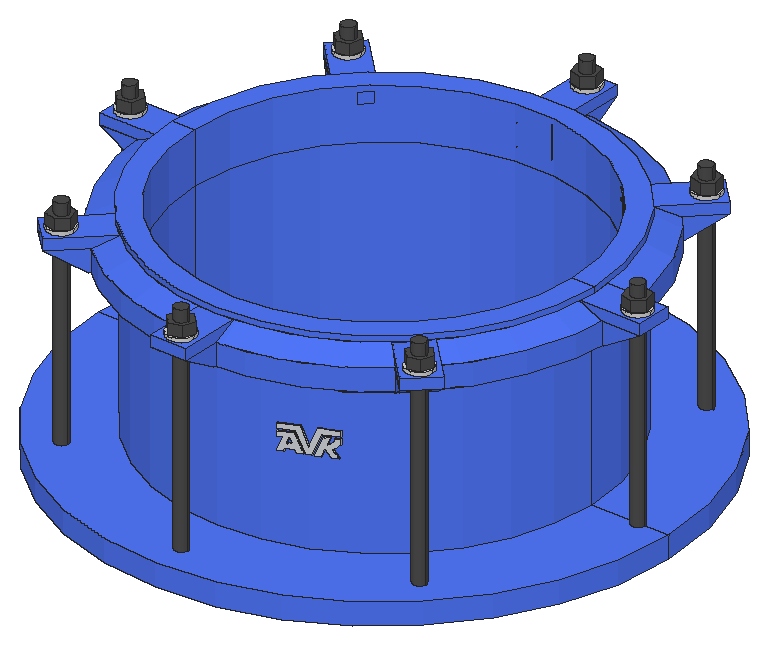
Revit family "603-A-4100-DN350", category Pipe Accessories, Revit 2019
Family settings
  Round Connector Dimension = Use Diameter
  Part Type = Valve - Breaks Into
  Work Plane-Based = No
  Always vertical = Yes
  Cut with Voids When Loaded = No
  Shared = No
Parameters (values of type "603-410-002-4100_DN350_384 - 410")
  Washer_Ref_2 = size_lookup(Search_table, "Washer_Ref_2", 0 mm, [Nomianal_Diameter(DN)])  # 187 mm
  URL_product_pages = "https://www.avkvalves.com/P.aspx?no=6012420006100"
  L_Ref = L - Bottom_Flange_Thickness  # 210 mm
  L2 = size_lookup(Search_table, "L2", 0 mm, [Nomianal_Diameter(DN)])  # 210 mm
  Description_ = "AVK UNIVERSAL SUPA® STRAIGHT COUPLING"
  DN350_384 -410 = "603-410-002-4100"
  DN350_384 - 410 = "603-410-000-4100"
  DN350_372 - 396 = "603-396-002-4100"
  DN350_372 -396 = "603-396-000-4100"
  DN350_352 - 378 = "603-378-002-4100"
  DN350_352 -378 = "603-378-000-4100"
  Bolt_Ref_2 = Bolt_Ref - 10 mm  # 190 mm
  Bolt_Ref = size_lookup(Search_table, "Bolt_Ref", 0 mm, [Nomianal_Diameter(DN)])  # 200 mm
  Washer_Ref = size_lookup(Search_table, "Washer_Ref", 0 mm, [Nomianal_Diameter(DN)])  # 190 mm
  Search_table = "603-A-4100-DN350"
  Rib_width = size_lookup(Search_table, "Rib_width", 0 mm, [Nomianal_Diameter(DN)])  # 499 mm
  Rib_length = 32 mm  # constant formula
  Rib_Thickness = 5 mm  # constant formula
  PCD = 434.669 mm
  Nut = 10 mm  # constant formula
  L = size_lookup(Search_table, "L", 0 mm, [Nomianal_Diameter(DN)])  # 226 mm
  L1 = size_lookup(Search_table, "L1", 0 mm, [Nomianal_Diameter(DN)])  # 62 mm
  L3 = size_lookup(Search_table, "L3", 0 mm, [Nomianal_Diameter(DN)]) - Bottom_Flange_Thickness  # 145 mm
  ID = [Nomianal_Diameter(DN)] / 2  # 175.15 mm
  Nomianal_Diameter(DN) = 350.3 mm
  H1 = size_lookup(Search_table, "H1", 0 mm, [Nomianal_Diameter(DN)])  # 36 mm
  D4 = (PCD / 2) + Bottom_Flange_Thickness  # 233.334 mm
  D3 = 201.6 mm
  D2 = size_lookup(Search_table, "D2", 0 mm, [Nomianal_Diameter(DN)]) / 2  # 195 mm
  D = size_lookup(Search_table, "D", 0 mm, [Nomianal_Diameter(DN)]) / 2  # 263.5 mm
  Bottom_Flange_Thickness = L - L2  # 16 mm
  Bottm_cut = size_lookup(Search_table, "Bottm_cut", 0 mm, [Nomianal_Diameter(DN)]) / 2  # 216 mm
  Bolt_width = 20 mm  # constant formula
Types (7, lengths in mm): name | Washer_Ref_2 | L_Ref | L2 | Bolt_Ref_2 | Bolt_Ref | Washer_Ref | PCD | L | L1 | L3 | ID | Nomianal_Diameter(DN) | D4 | D3 | D
  (no name) | 187 | 210 | 210 | 190 | 200 | 190 | 434.669 | 226 | 62 | 145 | 175.15 | 350.3 | 233.334 | 201.6 | 263.5
  603-378-000-4100_DN350_352 - 378 | 145 | 170 | 170 | 148 | 158 | 148 | 450 | 186 | 61 | 103 | 175 | 350 | 241 | 210 | 260
  603-396-000-4100_DN350_372 - 396 | 187 | 210 | 210 | 190 | 200 | 190 | 450 | 226 | 62 | 145 | 175.1 | 350.2 | 241 | 201.6 | 248
  603-410-002-4100_DN350_384 - 410 | 187 | 210 | 210 | 190 | 200 | 190 | 434.669 | 226 | 62 | 145 | 175.15 | 350.3 | 233.334 | 201.6 | 263.5
  603-378-002-4100_DN350_352 - 378 | 145 | 170 | 170 | 148 | 158 | 148 | 450 | 186 | 61 | 103 | 175.05 | 350.1 | 241 | 210 | 263.5
  603-396-002-4100_DN350_372 - 396 | 187 | 210 | 210 | 190 | 200 | 190 | 450 | 226 | 62 | 145 | 175.15 | 350.3 | 241 | 201.6 | 263.5
  603-410-000-4100_DN350_384 - 410 | 187 | 210 | 210 | 190 | 200 | 190 | 450 | 226 | 62 | 145 | 175.2 | 350.4 | 241 | 201.6 | 260
Reference planes
  plane 1 "Center (Front/Back)": y = 0
  plane 2: z = 0
  plane 3 "Center (Left/Right)": x = 0
  plane 4: x = 8
  plane 5: x = -8
  plane 6: x = 175
  plane 7: z = 145
  plane 8: z = 210
  plane 9: z = 184
  plane 10: z = 181
  plane 11: z = 191
  plane 12: through (123.744, 123.744, 1200) normal (-0.7071, 0.7071, 0)
  plane 13: x = -263.5
  plane 14: x = 263.5
Forms (mm)
  Revolve 1, solid, material "Plastic"
    sketch origin (0, 0, 0) x (1, 0, 0) y (0, 0, 1)
      loop
        line (192, 145) -> (0, 145) -> (0, -16) -> (213.047, -16) -> (213.047, 0) -> (254.721, 0) -> (254.721, -10) -> (263.5, -10) -> (263.5, 10) -> (192, 10) -> (192, 145)
      axis (0, -16) -> (0, 145)
    angle from 0 to 360
  Revolve 2, void
    sketch origin (0, 0, 0) x (1, 0, 0) y (0, 0, 1)
      loop
        line (0, 145) -> (0, -16) -> (175, -16) -> (175, 145) -> (0, 145)
      axis (0, -16) -> (0, 145)
    angle from 0 to 360
  Extrusion 3, solid, material "Stainless Steel AISI 304"
    sketch origin (0, 0, 0) x (1, 0, 0) y (0, 1, 0)
      loop
        circle (0, 234.5) r 6
      loop
        circle (165.463, 165.963) r 6
      loop
        circle (-165.463, 165.963) r 6
      loop
        circle (234.99, 0) r 6
      loop
        circle (0, -234.5) r 6
      loop
        circle (165.463, -165.963) r 6
      loop
        circle (-165.463, -165.963) r 6
      loop
        circle (-234.99, 0) r 6
    from 0 to 210
  Extrusion 4, solid, material "Stainless Steel AISI 304(2)"
    sketch origin (0, 0, 0) x (1, 0, 0) y (0, 1, 0)
      loop
        circle (0, 234.75) r 12
      loop
        circle (165.817, 166.067) r 12
      loop
        circle (-165.817, 166.067) r 12
      loop
        circle (234.75, 0) r 12
      loop
        circle (-234.75, 0) r 12
      loop
        circle (0, -234.75) r 12
      loop
        circle (165.817, -166.067) r 12
      loop
        circle (-165.817, -166.067) r 12
    from 190 to 187
  Extrusion 5, solid, material "Stainless Steel AISI 304"
    sketch origin (0, 0, 0) x (1, 0, 0) y (0, 1, 0)
      loop
        line (162.828, 177.22) -> (154.663, 169.055) -> (157.652, 157.902) -> (168.805, 154.913) -> (176.97, 163.078) -> (173.982, 174.232) -> (162.828, 177.22)
      loop
        line (231.761, 11.154) -> (223.596, 2.989) -> (226.585, -8.165) -> (237.739, -11.154) -> (245.904, -2.989) -> (242.915, 8.165) -> (231.761, 11.154)
      loop
        line (-162.828, 177.22) -> (-173.982, 174.232) -> (-176.97, 163.078) -> (-168.805, 154.913) -> (-157.652, 157.902) -> (-154.663, 169.055) -> (-162.828, 177.22)
      loop
        line (-231.761, 11.154) -> (-242.915, 8.165) -> (-245.904, -2.989) -> (-237.739, -11.154) -> (-226.585, -8.165) -> (-223.596, 2.989) -> (-231.761, 11.154)
      loop
        line (-2.989, 245.654) -> (-11.154, 237.489) -> (-8.165, 226.335) -> (2.989, 223.346) -> (11.154, 231.511) -> (8.165, 242.665) -> (-2.989, 245.654)
      loop
        line (162.828, -177.22) -> (173.982, -174.232) -> (176.97, -163.078) -> (168.805, -154.913) -> (157.652, -157.902) -> (154.663, -169.055) -> (162.828, -177.22)
      loop
        line (-162.828, -177.22) -> (-154.663, -169.055) -> (-157.652, -157.902) -> (-168.805, -154.913) -> (-176.97, -163.078) -> (-173.982, -174.232) -> (-162.828, -177.22)
      loop
        line (-2.989, -245.654) -> (8.165, -242.665) -> (11.154, -231.511) -> (2.989, -223.346) -> (-8.165, -226.335) -> (-11.154, -237.489) -> (-2.989, -245.654)
    from 190 to 200
  Revolve 6, solid, material "Stainless Steel AISI 304"
    sketch origin (0, 0, 0) x (1, 0, 0) y (0, 0, 1)
      loop
        line (250.49, 0) -> (250.49, -1.616)
        arc (250.49, -1.616) -> (256.788, -1.288) -> (262.961, 0) r 41.119
        line (262.961, 0) -> (250.49, 0)
      axis (250.49, -1.616) -> (250.49, 0)
    angle from 0 to 360
  Revolve 7, solid, material "Stainless Steel AISI 304"
    sketch origin (-68.965, 166.219, 0) x (1, 0, 0) y (0, 0, 1)
      loop
        line (250.49, 0) -> (250.49, -1.998)
        arc (250.49, -1.998) -> (256.82, -1.549) -> (262.975, 0) r 36.123
        line (262.975, 0) -> (250.49, 0)
      axis (250.49, -1.998) -> (250.49, 0)
    angle from 0 to 360
  Revolve 8, solid, material "Stainless Steel AISI 304"
    sketch origin (-235.065, 235.065, 0) x (1, 0, 0) y (0, 0, 1)
      loop
        line (234.99, 0) -> (234.99, -1.998)
        arc (234.99, -1.998) -> (241.281, -1.377) -> (247.451, 0) r 52.128
        line (247.451, 0) -> (234.99, 0)
      axis (234.99, -1.998) -> (234.99, 0)
    angle from 0 to 360
  Revolve 9, solid, material "Stainless Steel AISI 304"
    sketch origin (0, 0, 0) x (-1, 0, 0) y (0, 0, 1)
      loop
        line (250.49, 0) -> (250.49, -1.616)
        arc (250.49, -1.616) -> (256.798, -1.268) -> (262.987, 0) r 43.015
        line (262.987, 0) -> (250.49, 0)
      axis (250.49, -1.616) -> (250.49, 0)
    angle from 0 to 360
  Revolve 10, solid, material "Stainless Steel AISI 304"
    sketch origin (68.965, 166.219, 0) x (-1, 0, 0) y (0, 0, -1)
      loop
        line (250.49, 0) -> (262.957, 0)
        arc (262.957, 0) -> (256.776, 1.212) -> (250.49, 1.616) r 48.687
        line (250.49, 1.616) -> (250.49, 0)
      axis (250.49, 1.616) -> (250.49, 0)
    angle from 0 to 360
  Revolve 11, solid, material "Stainless Steel AISI 304"
    sketch origin (-68.965, -166.219, 0) x (1, 0, 0) y (0, 0, -1)
      loop
        line (250.49, 0) -> (262.975, 0)
        arc (262.975, 0) -> (256.8, 1.332) -> (250.49, 1.616) r 37.739
        line (250.49, 1.616) -> (250.49, 0)
      axis (250.49, 1.616) -> (250.49, 0)
    angle from 0 to 360
  Revolve 12, solid, material "Stainless Steel AISI 304"
    sketch origin (-235.065, -235.065, 0) x (1, 0, 0) y (0, 0, -1)
      loop
        line (234.99, 0) -> (247.451, 0)
        arc (247.451, 0) -> (241.282, 1.284) -> (234.99, 1.616) r 41.371
        line (234.99, 1.616) -> (234.99, 0)
      axis (234.99, 1.616) -> (234.99, 0)
    angle from 0 to 360
  Revolve 13, solid, material "Stainless Steel AISI 304"
    sketch origin (68.965, -166.219, 0) x (-1, 0, 0) y (0, 0, 1)
      loop
        line (250.49, 0) -> (250.49, -1.998)
        arc (250.49, -1.998) -> (256.795, -1.446) -> (262.957, 0) r 44.278
        line (262.957, 0) -> (250.49, 0)
      axis (250.49, -1.998) -> (250.49, 0)
    angle from 0 to 360
Cuts and joins
  Revolve 2 cuts Revolve 1
Dimensions and locks
  "D": Revolve 1 sketch curve to plane 3 "Center (Left/Right)"
  "L3": plane 7 to level
  equal spacing: plane 14, plane 3 "Center (Left/Right)", plane 13
  plane 14 to plane 13 = 527 mm
  "D": plane 14 to plane 3 "Center (Left/Right)"
  locked: Revolve 1 sketch curve to Revolve 1 sketch curve at 8.779
  "L2": plane 8 to level
  "L": plane 8 to cut or joined group of Revolve 1, Revolve 2
  cut or joined group of Revolve 1, Revolve 2 to cut or joined group of Revolve 1, Revolve 2 = 161 mm
  "Washer_Ref_2": Extrusion 4 to level
  "Washer_Ref": Extrusion 4 to level
  "Washer_Ref": Extrusion 5 to level
  "Bolt_Ref": Extrusion 5 to level
  equal spacing: Revolve 1 sketch curve, level, Revolve 1 sketch curve
  radius of Extrusion 3 sketch curve = 6 mm  (x8)
  aligned and locked: level to plane 2
  aligned and locked: plane 3 "Center (Left/Right)" to Revolve 2 sketch curve
  aligned and locked: Revolve 2 sketch curve to plane 6
  aligned and locked: Revolve 2 sketch curve to Revolve 2 sketch curve
  aligned and locked: plane 3 "Center (Left/Right)" to Revolve 1 sketch curve
  aligned and locked: cut or joined group of Revolve 1, Revolve 2 to Revolve 2 sketch curve
  aligned and locked: Revolve 2 sketch curve to cut or joined group of Revolve 1, Revolve 2
  aligned and locked: plane 7 to Revolve 1 sketch curve
  aligned and locked: nested 1 to cut or joined group of Revolve 1, Revolve 2
  aligned and locked: Extrusion 3 to level
  aligned and locked: Revolve 6 sketch curve to Revolve 6 sketch curve  (x2)
  aligned and locked: Revolve 7 sketch curve to Revolve 7 sketch curve  (x2)
  aligned and locked: Revolve 8 sketch curve to Revolve 8 sketch curve  (x2)
  aligned and locked: Revolve 9 sketch curve to Revolve 9 sketch curve  (x2)
  aligned and locked: Revolve 10 sketch curve to Revolve 10 sketch curve  (x2)
  aligned and locked: Revolve 11 sketch curve to Revolve 11 sketch curve  (x2)
  aligned and locked: Revolve 12 sketch curve to Revolve 12 sketch curve  (x2)
  aligned and locked: Revolve 13 sketch curve to Revolve 13 sketch curve  (x2)
  aligned and locked: plane 8 to Extrusion 3
  aligned and locked: plane 3 "Center (Left/Right)" to nested 1
Automatic sketch dimensions
  level to Revolve 2 sketch curve = 20.178 mm
  Revolve 2 sketch curve to Revolve 2 sketch curve = 45 mm
  plane 1 "Center (Front/Back)" to Extrusion 3 sketch curve = 0 mm  (x2)
  Extrusion 3 sketch curve to plane 3 "Center (Left/Right)" = 0 mm  (x2)
  plane 5 to Extrusion 3 sketch curve = 157.463 mm  (x2)
  Extrusion 3 sketch curve to Extrusion 3 sketch curve = 69.527 mm  (x2)
  plane 4 to Extrusion 3 sketch curve = 157.463 mm  (x2)
  plane 1 "Center (Front/Back)" to Extrusion 3 sketch curve = 165.963 mm  (x2)
  Extrusion 3 sketch curve to Extrusion 3 sketch curve = 68.537 mm  (x2)
  Extrusion 3 sketch curve to plane 1 "Center (Front/Back)" = 165.963 mm  (x2)
  plane 1 "Center (Front/Back)" to Extrusion 4 sketch curve = 0 mm  (x2)
  Extrusion 4 sketch curve to plane 3 "Center (Left/Right)" = 0 mm  (x2)
  plane 5 to Extrusion 4 sketch curve = 157.817 mm  (x2)
  Extrusion 4 sketch curve to Extrusion 4 sketch curve = 68.933 mm  (x2)
  plane 4 to Extrusion 4 sketch curve = 157.817 mm  (x2)
  plane 1 "Center (Front/Back)" to Extrusion 4 sketch curve = 166.067 mm  (x2)
  Extrusion 4 sketch curve to Extrusion 4 sketch curve = 68.683 mm  (x2)
  Extrusion 4 sketch curve to plane 1 "Center (Front/Back)" = 166.067 mm  (x2)
  plane 1 "Center (Front/Back)" to Extrusion 5 sketch curve = 2.989 mm  (x2)
  plane 5 to Extrusion 5 sketch curve = 237.904 mm
  Extrusion 5 sketch curve to plane 1 "Center (Front/Back)" = 8.165 mm  (x2)
  Extrusion 5 sketch curve to Extrusion 5 sketch curve = 2.989 mm  (x16)
  plane 1 "Center (Front/Back)" to Extrusion 5 sketch curve = 11.154 mm  (x2)
  Extrusion 5 sketch curve to Extrusion 5 sketch curve = 8.165 mm  (x20)
  Extrusion 5 sketch curve to plane 1 "Center (Front/Back)" = 11.154 mm  (x2)
  Extrusion 5 sketch curve to Extrusion 5 sketch curve = 11.154 mm  (x24)
  plane 1 "Center (Front/Back)" to Extrusion 5 sketch curve = 8.165 mm  (x2)
  Extrusion 5 sketch curve to plane 1 "Center (Front/Back)" = 2.989 mm  (x2)
  Extrusion 5 sketch curve to Extrusion 5 sketch curve = 49.615 mm
  Extrusion 5 sketch curve to Extrusion 5 sketch curve = 54.791 mm  (x2)
  plane 5 to Extrusion 5 sketch curve = 3.154 mm  (x2)
  plane 5 to Extrusion 5 sketch curve = 0.165 mm  (x2)
  Extrusion 5 sketch curve to plane 3 "Center (Left/Right)" = 2.989 mm  (x2)
  plane 3 "Center (Left/Right)" to Extrusion 5 sketch curve = 2.989 mm  (x2)
  plane 4 to Extrusion 5 sketch curve = 0.165 mm  (x2)
  plane 4 to Extrusion 5 sketch curve = 3.154 mm  (x2)
  plane 4 to Extrusion 5 sketch curve = 146.663 mm  (x2)
  plane 1 "Center (Front/Back)" to Extrusion 5 sketch curve = 154.913 mm  (x2)
  Extrusion 5 sketch curve to Extrusion 5 sketch curve = 54.291 mm  (x2)
  Extrusion 5 sketch curve to plane 1 "Center (Front/Back)" = 154.913 mm  (x2)
  Revolve 6 sketch curve to level = 0 mm
  Revolve 6 sketch curve to plane 14 = 13.01 mm
  Revolve 6 sketch curve to plane 14 = 11.998 mm
  level to Revolve 6 sketch curve = 39.49 mm
  Revolve 6 sketch curve to plane 14 = 0.539 mm
  level to Revolve 6 sketch curve = 6.447 mm
  Revolve 11 sketch curve to level = 0 mm
  Revolve 11 sketch curve to plane 14 = 81.975 mm
  Revolve 11 sketch curve to Revolve 11 sketch curve = 1.464 mm
  level to Revolve 11 sketch curve = 36.094 mm
  Revolve 11 sketch curve to Revolve 11 sketch curve = 12.485 mm
  level to Revolve 11 sketch curve = 6.447 mm
  Revolve 7 sketch curve to level = 0 mm
  Revolve 7 sketch curve to plane 14 = 81.975 mm
  Revolve 7 sketch curve to Revolve 7 sketch curve = 0.622 mm
  level to Revolve 7 sketch curve = 34.12 mm
  Revolve 7 sketch curve to Revolve 7 sketch curve = 12.485 mm
  Revolve 7 sketch curve to Revolve 7 sketch curve = 6.447 mm
  Revolve 12 sketch curve to level = 0 mm
  Revolve 12 sketch curve to plane 3 "Center (Left/Right)" = 0.075 mm
  plane 3 "Center (Left/Right)" to Revolve 12 sketch curve = 0.896 mm
  level to Revolve 12 sketch curve = 39.743 mm
  plane 4 to Revolve 12 sketch curve = 4.386 mm
  level to Revolve 12 sketch curve = 6.447 mm
  Revolve 8 sketch curve to level = 0 mm
  Revolve 8 sketch curve to plane 3 "Center (Left/Right)" = 2.036 mm
  Revolve 8 sketch curve to plane 3 "Center (Left/Right)" = 0.075 mm
  level to Revolve 8 sketch curve = 50.093 mm
  plane 4 to Revolve 8 sketch curve = 4.386 mm
  Revolve 8 sketch curve to Revolve 8 sketch curve = 6.447 mm
  Revolve 10 sketch curve to level = 0 mm
  plane 13 to Revolve 10 sketch curve = 81.975 mm
  Revolve 10 sketch curve to Revolve 10 sketch curve = 0.026 mm
  level to Revolve 10 sketch curve = 47.071 mm
  Revolve 10 sketch curve to Revolve 10 sketch curve = 12.467 mm
  level to Revolve 10 sketch curve = 6.447 mm
  Revolve 13 sketch curve to level = 0 mm
  plane 13 to Revolve 13 sketch curve = 82.676 mm
  Revolve 13 sketch curve to Revolve 13 sketch curve = 0.701 mm
  level to Revolve 13 sketch curve = 42.274 mm
  Revolve 13 sketch curve to Revolve 13 sketch curve = 12.467 mm
  Revolve 13 sketch curve to Revolve 13 sketch curve = 6.447 mm
  Revolve 9 sketch curve to level = 0 mm
  Revolve 9 sketch curve to plane 13 = 13.01 mm
  Revolve 9 sketch curve to plane 13 = 12.22 mm
  Revolve 9 sketch curve to level = 41.391 mm
  Revolve 9 sketch curve to plane 13 = 0.513 mm
  Revolve 9 sketch curve to level = 6.447 mm
  Revolve 1 sketch curve to plane 3 "Center (Left/Right)" = 0 mm
  Revolve 1 sketch curve to level = 0 mm
  Revolve 1 sketch curve to plane 14 = 71.5 mm
  Revolve 1 sketch curve to Revolve 1 sketch curve = 21.047 mm
  Revolve 1 sketch curve to level = 10 mm
  Revolve 1 sketch curve to level = 16 mm
  Revolve 1 sketch curve to plane 7 = 37.822 mm
  Revolve 1 sketch curve to Revolve 1 sketch curve = 9 mm
  radius of Extrusion 4 sketch curve = 12 mm  (x8)
Nested families
  nested 1: "Part" at (0, 0, 2.178), type "DN350_352 - 378"
  nested 2: "LOGO - Copy - Copy - Copy - Copy" at (73.245, -177.48, 77) x (0.9244, 0.3815, 0) z (0.3815, -0.9244, 0), type "LOGO - Copy - Copy - Copy - Copy"
Connectors
  piping at (0, 0, 192.014), diameter 350.3, driven by "Nomianal_Diameter(DN)"
    settings: on nested 1, index 1, connector inside diameter 609.6 mm, connector length 0 mm, flow factor 0, pipe flow 0.0 L/s, pressure drop 0.0 Pa, fitting loss kfactor 0, connector angle 0.00°, fixture units 0, engagement length 0 mm, angle of deflection 0.00°, flow configuration 0, flow direction 0, fitting loss method 0, system type 7, joint type 0, gender type 0, connector reference index -1, connector utility 0, adjustable connector no, is connector primary yes, connector description ""
  piping at (0, 0, -16), diameter 350.3, driven by "Nomianal_Diameter(DN)"
    settings: on Revolve 1, index 2, connector inside diameter 609.6 mm, connector length 0 mm, flow factor 0, pipe flow 0.0 L/s, pressure drop 0.0 Pa, fitting loss kfactor 0, connector angle 0.00°, fixture units 0, engagement length 0 mm, angle of deflection 0.00°, flow configuration 0, flow direction 0, fitting loss method 0, system type 7, joint type 0, gender type 0, connector reference index -1, connector utility 0, adjustable connector no, is connector primary no, connector description ""
Definition of nested family "Part"
  Parameters (values of type "DN350_384 - 410")
    Washer_Ref = 46 mm
    Washer = 3 mm  # constant formula
    Search_table = "603-A-6100-DN40-400"
    Rib_width = size_lookup(Search_table, "Rib_width", 0 mm, [Nomianal_Diameter(DN)])  # 499 mm
    Rib_length = 32 mm  # constant formula
    Rib_Thickness = 5 mm  # constant formula
    PCD = 434.669 mm
    Nut = 10 mm  # constant formula
    Max_Height = size_lookup(Search_table, "Max_Height", 0 mm, [Nomianal_Diameter(DN)])  # 186 mm
    L1 = size_lookup(Search_table, "L1", 0 mm, [Nomianal_Diameter(DN)])  # 62 mm
    L = size_lookup(Search_table, "L", 0 mm, [Nomianal_Diameter(DN)]) - 6 mm  # 155 mm
    ID = [Nomianal_Diameter(DN)] / 2  # 175.1 mm
    Nomianal_Diameter(DN) = 350.2 mm
    H1 = size_lookup(Search_table, "H1", 0 mm, [Nomianal_Diameter(DN)])  # 33 mm
    D4 = (PCD / 2) + Bottom_Flange_Thicckness  # 229.334 mm
    D3 = 201.6 mm
    D2 = size_lookup(Search_table, "D2", 0 mm, [Nomianal_Diameter(DN)]) / 2  # 195 mm
    D = size_lookup(Search_table, "D", 0 mm, [Nomianal_Diameter(DN)]) / 2  # 266.5 mm
    Bottom_Flange_Thicckness = 12 mm  # constant formula
    Bottm_cut = size_lookup(Search_table, "Bottm_cut", 0 mm, [Nomianal_Diameter(DN)]) / 2  # 216 mm
    Bolt_width = 20 mm  # constant formula
  Types (4, lengths in mm): name | Washer_Ref | PCD | L1 | L | ID | Nomianal_Diameter(DN) | D4 | D3
    (no name) | 46 | 434.669 | 62 | 155 | 175.1 | 350.2 | 229.334 | 201.6
    DN350_352 - 378 | 1 | 450 | 61 | 114 | 175 | 350 | 237 | 210
    DN350_372 - 396 | 46 | 450 | 61 | 155 | 175.05 | 350.1 | 237 | 201.6
    DN350_384 - 410 | 46 | 434.669 | 62 | 155 | 175.1 | 350.2 | 229.334 | 201.6
  Reference planes
    plane 1 "Center (Front/Back)": y = 0
    plane 2: z = 0
    plane 3 "Center (Left/Right)": x = 0
    plane 4: x = 216.093
    plane 5: z = 155
    plane 6: z = 142.822
    plane 7: through (0, 0, 1200) normal (-0.7071, 0.7071, 0)
    plane 8: through (0, 0, 1200) normal (-0.7071, -0.7071, 0)
    plane 9: through (0, 0, 1200) normal (0.7071, 0.7071, 0)
    plane 10: through (0, 0, 1200) normal (0.7071, -0.7071, 0)
    plane 11: x = 8
    plane 12: x = -8
    plane 13: x = 175
  Forms (mm)
    Revolve 1, solid
      sketch origin (0, 0, 0) x (1, 0, 0) y (0, 0, 1)
        loop
          line (0, 142.822) -> (195, 142.822) -> (216.093, 155) -> (216.093, 175) -> (195, 184.836) -> (195, 189.836) -> (0, 189.836) -> (0, 142.822)
        axis (0, 142.822) -> (0, 189.836)
      angle from 0 to 360
    Extrusion 2, solid
      sketch origin (0, 0, 0) x (1, 0, 0) y (0, 1, 0)
        loop
          line (-16, 249.5) -> (-16, 38.627) -> (-165.109, 187.737) -> (-187.737, 165.109) -> (-38.627, 16) -> (-249.5, 16) -> (-249.5, -16) -> (-38.627, -16) -> (-187.737, -165.109) -> (-165.109, -187.737) -> (-16, -38.627) -> (-16, -249.5) -> (16, -249.5) -> (16, -38.627) -> (165.109, -187.737) -> (187.737, -165.109) -> (38.627, -16) -> (249.5, -16) -> (249.5, 16) -> (38.627, 16) -> (187.737, 165.109) -> (176.423, 176.423) -> (165.109, 187.737) -> (16, 38.627) -> (16, 249.5) -> (-16, 249.5)
      from 175 to 184.836
    Extrusion 3, solid
      sketch origin (0, 0, 0) x (0, 1, 0) y (0, 0, 1)
        loop
          line (249.5, 175) -> (-249.5, 175) -> (-216.093, 155) -> (0, 155) -> (216.093, 155) -> (249.5, 175)
      from 8 to 16
    Extrusion 4, solid
      sketch origin (0, 0, 0) x (0, 1, 0) y (0, 0, -1)
        loop
          line (249.5, -175) -> (216.093, -155) -> (0, -155) -> (-216.093, -155) -> (-249.5, -175) -> (249.5, -175)
      from 8 to 16
    Extrusion 5, solid
      sketch origin (0, 0, 0) x (-0.707107, -0.707107, 0) y (0, 0, -1)
        loop
          line (249.5, -175) -> (216.093, -155) -> (0, -155) -> (-216.093, -155) -> (-249.5, -175) -> (249.5, -175)
      from 8 to 16
    Extrusion 6, solid
      sketch origin (0, 0, 0) x (-0.707107, -0.707107, 0) y (0, 0, 1)
        loop
          line (249.5, 175) -> (-249.5, 175) -> (-216.093, 155) -> (0, 155) -> (216.093, 155) -> (249.5, 175)
      from 8 to 16
    Extrusion 7, solid
      sketch origin (0, 0, 0) x (-1, 0, 0) y (0, 0, -1)
        loop
          line (249.5, -175) -> (216.093, -155) -> (0, -155) -> (-216.093, -155) -> (-249.5, -175) -> (249.5, -175)
      from 8 to 16
    Extrusion 8, solid
      sketch origin (0, 0, 0) x (-1, 0, 0) y (0, 0, 1)
        loop
          line (249.5, 175) -> (-249.5, 175) -> (-216.093, 155) -> (0, 155) -> (216.093, 155) -> (249.5, 175)
      from 8 to 16
    Extrusion 9, solid
      sketch origin (0, 0, 0) x (0.707107, -0.707107, 0) y (0, 0, 1)
        loop
          line (249.5, 175) -> (-249.5, 175) -> (-216.093, 155) -> (0, 155) -> (216.093, 155) -> (249.5, 175)
      from 8 to 16
    Extrusion 10, solid
      sketch origin (0, 0, 0) x (0.707107, -0.707107, 0) y (0, 0, -1)
        loop
          line (249.5, -175) -> (216.093, -155) -> (0, -155) -> (-216.093, -155) -> (-249.5, -175) -> (249.5, -175)
      from 8 to 16
    Revolve 11, void
      sketch origin (0, 0, 0) x (1, 0, 0) y (0, 0, 1)
        loop
          line (0, 189.836) -> (0, 142.822) -> (175, 142.822) -> (175, 189.836) -> (0, 189.836)
        axis (0, 142.822) -> (0, 189.836)
      angle from 0 to 360
  Cuts and joins
    Revolve 11 cuts Revolve 1
    Revolve 11 cuts Extrusion 2
    Revolve 11 cuts Extrusion 3
    Revolve 11 cuts Extrusion 4
    Revolve 11 cuts Extrusion 5
    Revolve 11 cuts Extrusion 6
    Revolve 11 cuts Extrusion 7
    Revolve 11 cuts Extrusion 8
    Revolve 11 cuts Extrusion 9
    Revolve 11 cuts Extrusion 10
  Dimensions and locks
    locked: plane 5 to plane 6 at 12.178
    equal spacing: Extrusion 2 sketch curve, plane 3 "Center (Left/Right)", Extrusion 2 sketch curve  (x2)
    equal spacing: Extrusion 2 sketch curve, plane 1 "Center (Front/Back)", Extrusion 2 sketch curve  (x2)
    "Rib_length": Extrusion 2 sketch curve to Extrusion 2 sketch curve  (x6)
    "Rib_width": Extrusion 2 sketch curve to Extrusion 2 sketch curve  (x2)
    equal spacing: Extrusion 2 sketch curve, plane 7, Extrusion 2 sketch curve
    equal spacing: Extrusion 2 sketch curve, plane 8, Extrusion 2 sketch curve
    equal spacing: Extrusion 2 sketch curve, plane 10, Extrusion 2 sketch curve
    equal spacing: Extrusion 2 sketch curve, plane 9, Extrusion 2 sketch curve
    locked: Extrusion 3 to plane 11 at 8
    locked: Extrusion 4 to plane 12 at 8
    aligned and locked: level to plane 2
    aligned and locked: plane 5 to Revolve 1 sketch curve
    aligned and locked: Revolve 1 sketch curve to plane 4
    aligned and locked: plane 6 to Revolve 1 sketch curve
    aligned and locked: plane 3 "Center (Left/Right)" to Revolve 1 sketch curve
    aligned and locked: Revolve 1 sketch curve to Revolve 1 sketch curve
    aligned and locked: Extrusion 2 to Revolve 1  (x2)
    aligned and locked: Extrusion 3 to Extrusion 2
    aligned and locked: Extrusion 3 to plane 11
    aligned and locked: Extrusion 4 to plane 12
    aligned and locked: Revolve 11 sketch curve to Revolve 1
    aligned and locked: plane 3 "Center (Left/Right)" to Revolve 11 sketch curve
    aligned and locked: Revolve 11 sketch curve to plane 13
    aligned and locked: Revolve 11 sketch curve to Revolve 11 sketch curve
    aligned and locked: Extrusion 3 sketch curve to cut or joined group of Extrusion 4, Revolve 11
    aligned and locked: Extrusion 3 sketch curve to Extrusion 3 sketch curve
    aligned and locked: Extrusion 3 to cut or joined group of Revolve 1, Revolve 11
    aligned and locked: Extrusion 8 to cut or joined group of Revolve 1, Revolve 11  (x2)
    aligned and locked: Extrusion 7 to cut or joined group of Revolve 1, Revolve 11
    aligned and locked: cut or joined group of Revolve 1, Revolve 11 to Extrusion 7
    aligned and locked: Extrusion 10 to cut or joined group of Revolve 1, Revolve 11
    aligned and locked: cut or joined group of Revolve 1, Revolve 11 to Extrusion 10  (x2)
    aligned and locked: Extrusion 9 to cut or joined group of Revolve 1, Revolve 11
    aligned and locked: cut or joined group of Revolve 1, Revolve 11 to Extrusion 9
    aligned and locked: Extrusion 4 to cut or joined group of Revolve 1, Revolve 11  (x2)
    aligned and locked: Extrusion 9 to cut or joined group of Extrusion 2, Revolve 11
    aligned and locked: cut or joined group of Revolve 1, Revolve 11 to Extrusion 6
    aligned and locked: Extrusion 6 to cut or joined group of Revolve 1, Revolve 11
    aligned and locked: Extrusion 5 to cut or joined group of Revolve 1, Revolve 11
    aligned and locked: cut or joined group of Revolve 1, Revolve 11 to Extrusion 5
    aligned and locked: cut or joined group of Revolve 1, Revolve 11 to Revolve 11 sketch curve
  Automatic sketch dimensions
    Extrusion 3 sketch curve to plane 1 "Center (Front/Back)" = 0 mm
    plane 1 "Center (Front/Back)" to Extrusion 3 sketch curve = 216.093 mm
    Extrusion 3 sketch curve to Extrusion 3 sketch curve = 33.407 mm  (x2)
    Extrusion 3 sketch curve to plane 1 "Center (Front/Back)" = 216.093 mm
    Extrusion 3 sketch curve to Extrusion 3 sketch curve = 20 mm
    Extrusion 4 sketch curve to plane 1 "Center (Front/Back)" = 0 mm
    plane 1 "Center (Front/Back)" to Extrusion 4 sketch curve = 216.093 mm
    Extrusion 4 sketch curve to Extrusion 4 sketch curve = 33.407 mm  (x2)
    Extrusion 4 sketch curve to plane 1 "Center (Front/Back)" = 216.093 mm
    level to Extrusion 4 sketch curve = 175 mm
    Extrusion 4 sketch curve to Extrusion 4 sketch curve = 20 mm
    level to Extrusion 5 sketch curve = 175 mm
    level to Extrusion 5 sketch curve = 155 mm
    Extrusion 5 sketch curve to Extrusion 5 sketch curve = 33.407 mm  (x2)
    Extrusion 5 sketch curve to Extrusion 5 sketch curve = 216.093 mm  (x2)
    level to Extrusion 6 sketch curve = 175 mm
    level to Extrusion 6 sketch curve = 155 mm
    Extrusion 6 sketch curve to Extrusion 6 sketch curve = 33.407 mm  (x2)
    Extrusion 6 sketch curve to Extrusion 6 sketch curve = 216.093 mm  (x2)
    Extrusion 7 sketch curve to plane 3 "Center (Left/Right)" = 0 mm
    plane 11 to Extrusion 7 sketch curve = 208.093 mm
    Extrusion 7 sketch curve to Extrusion 7 sketch curve = 33.407 mm  (x2)
    plane 12 to Extrusion 7 sketch curve = 208.093 mm
    level to Extrusion 7 sketch curve = 175 mm
    Extrusion 7 sketch curve to Extrusion 7 sketch curve = 20 mm
    Extrusion 8 sketch curve to plane 3 "Center (Left/Right)" = 0 mm
    plane 11 to Extrusion 8 sketch curve = 208.093 mm
    Extrusion 8 sketch curve to Extrusion 8 sketch curve = 33.407 mm  (x2)
    plane 12 to Extrusion 8 sketch curve = 208.093 mm
    level to Extrusion 8 sketch curve = 155 mm
    Extrusion 8 sketch curve to Extrusion 8 sketch curve = 20 mm
    level to Extrusion 9 sketch curve = 175 mm
    level to Extrusion 9 sketch curve = 155 mm
    Extrusion 9 sketch curve to Extrusion 9 sketch curve = 33.407 mm  (x2)
    Extrusion 9 sketch curve to Extrusion 9 sketch curve = 216.093 mm  (x2)
    level to Extrusion 10 sketch curve = 175 mm
    level to Extrusion 10 sketch curve = 155 mm
    Extrusion 10 sketch curve to Extrusion 10 sketch curve = 33.407 mm  (x2)
    Extrusion 10 sketch curve to Extrusion 10 sketch curve = 216.093 mm  (x2)
    level to Revolve 11 sketch curve = 49 mm
    Revolve 11 sketch curve to Revolve 11 sketch curve = 45 mm
    plane 4 to Revolve 1 sketch curve = 21.093 mm  (x2)
    Revolve 1 sketch curve to Revolve 1 sketch curve = 20 mm
    Revolve 1 sketch curve to Revolve 1 sketch curve = 9.836 mm
    Revolve 1 sketch curve to plane 5 = 34.836 mm
    Revolve 1 sketch curve to Revolve 1 sketch curve = 37.822 mm
    Revolve 1 sketch curve to Revolve 1 sketch curve = 9 mm
    Extrusion 2 sketch curve to plane 7 = 0 mm
    Extrusion 2 sketch curve to plane 1 "Center (Front/Back)" = 165.109 mm
    plane 1 "Center (Front/Back)" to Extrusion 2 sketch curve = 165.109 mm
    plane 12 to Extrusion 2 sketch curve = 8 mm
    plane 11 to Extrusion 2 sketch curve = 8 mm
    Extrusion 2 sketch curve to plane 1 "Center (Front/Back)" = 16 mm
    plane 1 "Center (Front/Back)" to Extrusion 2 sketch curve = 16 mm
    plane 11 to Extrusion 2 sketch curve = 157.109 mm  (x2)
Definition of nested family "LOGO - Copy - Copy - Copy - Copy"
  Parameters (values of type "LOGO - Copy - Copy - Copy - Copy")
    Default Elevation = 1219.2 mm
  Reference planes
    plane 1 "Center (Front/Back)": y = 0
    plane 2: z = 0
    plane 3 "Center (Left/Right)": x = 0
  Forms (mm)
    Extrusion 1, solid
      sketch origin (0, 0, 0) x (1, 0, 0) y (0, 1, 0)
        loop
          line (-1219.2, 1219.2) -> (-1219.2, -1219.2) -> (1219.2, -1219.2) -> (1219.2, 1219.2) -> (-1219.2, 1219.2)
      from 0 to -304.8
    Extrusion 2, solid
      sketch origin (0, 0, 0) x (1, 0, 0) y (0, 1, 0)
        loop
          line (-6.514, 34.224) -> (-24, 34.224) -> (-24, 29.481) -> (-9.766, 29.481) -> (-2.391, 11.367) -> (2.391, 11.367) -> (9.766, 29.481) -> (24, 29.481) -> (24, 34.224) -> (6.514, 34.224) -> (0, 18.224) -> (-6.514, 34.224)
        loop
          line (-10.996, 27.653) -> (-24, 27.653) -> (-24, 23.081) -> (-19.503, 23.081) -> (-24, 11.367) -> (-18.92, 11.367) -> (-17.955, 13.881) -> (-10.51, 13.881) -> (-9.486, 11.367) -> (-4.365, 11.367) -> (-10.996, 27.653)
        loop
          line (-16.777, 18.224) -> (-12.278, 18.224) -> (-14.594, 23.912) -> (-16.777, 18.224)
        loop
          line (4.365, 11.367) -> (9.486, 11.367) -> (12.093, 17.77) -> (16.918, 11.367) -> (22.857, 11.367) -> (17.399, 18.61)
          arc (17.399, 18.61) -> (20.583, 20.18) -> (22.629, 23.081) r 7.2
          line (22.629, 23.081) -> (24, 23.081) -> (24, 27.653) -> (19.429, 27.653)
          arc (19.429, 27.653) -> (17.763, 23.526) -> (13.699, 21.714) r 5.943
          line (13.699, 21.714) -> (16.117, 27.653) -> (10.996, 27.653) -> (4.365, 11.367)
      from 0 to 1
  Dimensions and locks
    aligned and locked: plane 2 to Extrusion 1
    aligned and locked: level to Extrusion 1
    aligned and locked: Extrusion 2 sketch curve to import instance
